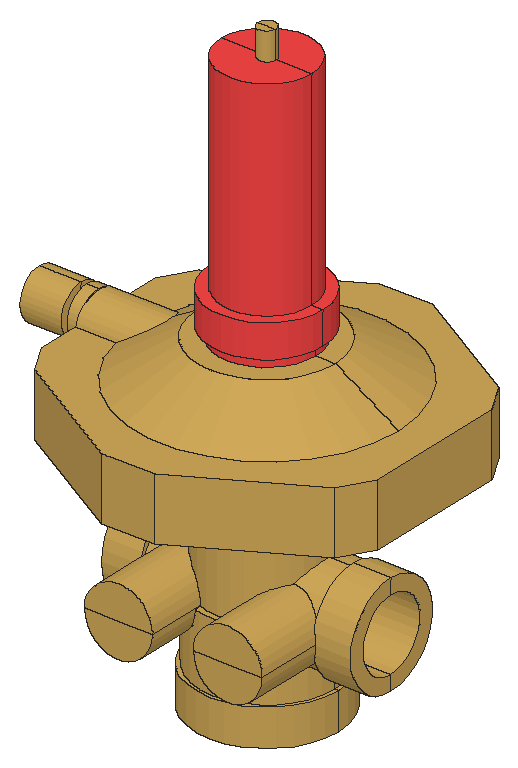
Revit family "Differenzdruckregler 4202 45-80kPa", category Rohrzubehör, Revit 2019
Family settings
  Bemaßung runder Anschluss = Durchmesser verwenden
  Teiletyp = Unterbricht
  OmniClass-Nummer = 23.65.55.14
  OmniClass-Titel = Valves for Liquid Services
  Arbeitsebenenbasiert = Nein
  Immer vertikal = Ja
  Beim Laden mit Abzugskörper schneiden = Nein
  Gemeinsam genutzt = Nein
Parameters (values of type "Ohne Dämmung")
  y2 [instance] = K14 + K9 + H01  # 49.149 mm
  y1 [instance] = (R03 * 2) + R05  # 66.000 mm
  PN = 25  # constant formula
  Min. Betriebstemperatur (Frostschutz) = -20 °C  # constant formula
  Max. zulässige Betriebstemperatur bis DN32 = 130 °C  # constant formula
  Max. zulässige Betriebstemperatur DN40 - DN50 = 110 °C  # constant formula
  Max. Differenzdruck am Gehäuse = 400000.0 Pa  # constant formula
  Max. Betriebsdruck = 25.0 Pa  # constant formula
  Ventilschaft = "Edelstahl 14301"  # constant formula
  URL = "www.herz-armaturen.at"
  SCRNSEQ = "ARM;ARM_TYP=\"DIFR\";2"
  SCRNCODE = "05;03;4"  # constant formula
  S06 [instance] = 1.000 mm  # constant formula
  S05 [instance] = S01 - 1.000 mm  # 16.250 mm
  S04 [instance] = S02 - 1.000 mm  # 18.000 mm
  S03 [instance] = size_lookup("4202 45-80kPa", "S03", 26.500 mm, Nennweite)  # 25.600 mm
  S02 [instance] = size_lookup("4202 45-80kPa", "S02", 19.000 mm, Nennweite)  # 19.000 mm
  S01 [instance] = size_lookup("4202 45-80kPa", "S01", 17.250 mm, Nennweite)  # 17.250 mm
  Regleranschlussmutter = "Messing CW614N"  # constant formula
  Regelbereich = "45 - 80kPa"  # constant formula
  R06 [instance] = size_lookup("4202 45-80kPa", "R06", 14.500 mm, Nennweite)  # 14.500 mm
  R05 [instance] = size_lookup("4202 45-80kPa", "R05", 46.000 mm, Nennweite)  # 46.000 mm
  R04 [instance] = size_lookup("4202 45-80kPa", "R04", 12.500 mm, Nennweite)  # 12.500 mm
  R03 [instance] = size_lookup("4202 45-80kPa", "R03", 10.000 mm, Nennweite)  # 10.000 mm
  R02 = 14.500 mm  # constant formula
  R01 [instance] = size_lookup("4202 45-80kPa", "R01", 12.500 mm, Nennweite)  # 12.500 mm
  Min. Betriebstemperatur (reines Wasser) = 2 °C  # constant formula
  O-Ringe = "EPDM"  # constant formula
  Nennweite [instance] = 15.000 mm
  Membrangehäuse = "Messing CW602N"  # constant formula
  Membrane = "EPDM"  # constant formula
  Medium = "Wasserbeschaffenheit nach ÖNORM H 5195 und VDI 2035\r\nDie Verwendung von Ethylen- und Propylenglykol ist im\r\nMischungsverhältnis 25 - 50 Vol.-% zulässig."
  L2 [instance] = size_lookup("4202 45-80kPa", "L2", 161.000 mm, Nennweite)  # 161.000 mm
  L [instance] = size_lookup("4202 45-80kPa", "L", 66.000 mm, Nennweite)  # 66.000 mm
  K9 = 4.000 mm  # constant formula
  K8 = 55.000 mm  # constant formula
  K7 = 8.700 mm  # constant formula
  K6 = 11.700 mm  # constant formula
  K5 = 13.000 mm  # constant formula
  K4 = 12.000 mm  # constant formula
  K3 = 15.000 mm  # constant formula
  K2 = 2.350 mm  # constant formula
  K18 = 89.000 mm  # constant formula
  K17 = 66.700 mm  # constant formula
  K16 = 3.000 mm  # constant formula
  K15 = 26.649 mm  # constant formula
  K14 = 16.649 mm  # constant formula
  K13 = 16.649 mm  # constant formula
  K12 = 10.000 mm  # constant formula
  K11 = 35.000 mm  # constant formula
  K10 = 18.250 mm  # constant formula
  K1.1 = 2.350 mm  # constant formula
  K1 = 7.651 mm  # constant formula
  J9 = 15.700 mm  # constant formula
  J8 = 7.850 mm  # constant formula
  J7 = 15.897 mm  # constant formula
  J6 = 3.900 mm  # constant formula
  J5 = 6.500 mm  # constant formula
  J4 = 1.500 mm  # constant formula
  J3 = 3.200 mm  # constant formula
  J2 = 11.000 mm  # constant formula
  J11 = 3.500 mm  # constant formula
  J10 = 18.897 mm  # constant formula
  J1 = 6.500 mm  # constant formula
  Hersteller = "HERZ-Armaturen Ges.m.b.H"  # constant formula
  H2 [instance] = size_lookup("4202 45-80kPa", "H2", 28.000 mm, Nennweite)  # 28.000 mm
  H1 [instance] = K1 + K2 + K3 + K4 + K5 + K7 + K8 + K16 + 16.650 mm  # 133.351 mm
  H04 = 4.000 mm  # constant formula
  H03 = 9.800 mm  # constant formula
  H02 [instance] = size_lookup("4202 45-80kPa", "H02", 53.000 mm, Nennweite)  # 53.000 mm
  H01 [instance] = size_lookup("4202 45-80kPa", "H01", 25.000 mm, Nennweite)  # 28.500 mm
  Gehäuse = "DZR Messing CC770S"  # constant formula
  G03 [instance] = size_lookup("4202 45-80kPa", "G03", 13.200 mm, Nennweite)  # 13.200 mm
  G02 [instance] = size_lookup("4202 45-80kPa", "G02", 9.500 mm, Nennweite)  # 9.500 mm
  G01 [instance] = size_lookup("4202 45-80kPa", "G01", 13.500 mm, Nennweite)  # 13.500 mm
  Einstellspindel = "Messing CW614N"  # constant formula
  Hinweise zum Material = "Gemäß Art 33 der REACH-Verordnung (EG Nr. 1907/2006) sind wir verpflichtet, darauf hinzuweisen,\r\ndass der Stoff Blei auf der SVHC-Liste geführt wird und dass alle aus Messing bestehenden Bauteile,\r\ndie in unseren Erzeugnissen verarbeitet sind, mehr als 0,1 % (w/w) Blei (CAS: 7439-92-1 / EINECS:\r\n231-100-4) enthalten. Da Blei als Legierungsbestandteil fest gebunden ist, sind keine Expositionen zu\r\nerwarten und daher sind keine zusätzlichen Angaben zur sicheren Verwendung notwendig.\r\n\r\nIm Hanf enthaltenes Ammoniak schädigt\r\nMessingventilgehäuse, EPDM Dichtungen werden durch\r\nMineralöle bzw. mineralölhaltige Schmierstoffe aufgequollen\r\nund führen somit zum Ausfall der EPDM-Dichtungen. Für\r\nFrost- und Korrosionsschutzmittel auf der Basis von Ethylen- und Propylenglykol sind die entsprechenden\r\nAngaben den Unterlagen des Herstellers zu entnehmen."
  Dämmung = no
  Dämmschale = "EPP (expandiertes Polypropylen)"  # constant formula
  Druckfeder = "Federstahl 14310 NS"  # constant formula
  DN50 [instance] = Nennweite = 50.000 mm  # no
  DN40 [instance] = Nennweite = 40.000 mm  # no
  DN32-40 [instance] = or(Nennweite = 32.000 mm, Nennweite = 40.000 mm)  # no
  DN32 [instance] = Nennweite = 32.000 mm  # no
  DN25,32,40 [instance] = or(Nennweite = 25.000 mm, Nennweite = 32.000 mm, Nennweite = 40.000 mm)  # no
  DN25 [instance] = Nennweite = 25.000 mm  # no
  DN20 [instance] = Nennweite = 20.000 mm  # no
  DN15-25 [instance] = or(Nennweite = 15.000 mm, Nennweite = 20.000 mm, Nennweite = 25.000 mm)  # yes
  DN15,20,50 [instance] = or(Nennweite = 15.000 mm, Nennweite = 20.000 mm, Nennweite = 50.000 mm)  # yes
  DN15 [instance] = Nennweite = 15.000 mm  # yes
  D07 [instance] = if(Nennweite = 15.000 mm, 32.500 mm, if(Nennweite = 20.000 mm, 33.500 mm, if(Nennweite = 25.000 mm, 33.500 mm, if(Nennweite = 32.000 mm, 49.500 mm, if(Nennweite = 40.000 mm, 59.500 mm, if(Nennweite = 50.000 mm, 59.500 mm, 0.000 mm))))))  # 32.500 mm
  D06 [instance] = if(Nennweite = 15.000 mm, 32.500 mm, if(Nennweite = 20.000 mm, 33.500 mm, if(Nennweite = 25.000 mm, 33.500 mm, if(Nennweite = 32.000 mm, 49.500 mm, if(Nennweite = 40.000 mm, 59.500 mm, if(Nennweite = 50.000 mm, 59.500 mm, 0.000 mm))))))  # 32.500 mm
  D05 [instance] = if(Nennweite = 15.000 mm, 36.750 mm, if(Nennweite = 20.000 mm, 40.700 mm, if(Nennweite = 25.000 mm, 49.200 mm, if(Nennweite = 32.000 mm, 54.150 mm, if(Nennweite = 40.000 mm, 60.750 mm, if(Nennweite = 50.000 mm, 72.700 mm, 0.000 mm))))))  # 36.750 mm
  D04 [instance] = if(Nennweite = 15.000 mm, 78.500 mm, if(Nennweite = 20.000 mm, 82.000 mm, if(Nennweite = 25.000 mm, 84.000 mm, if(Nennweite = 32.000 mm, 120.000 mm, if(Nennweite = 40.000 mm, 130.000 mm, if(Nennweite = 50.000 mm, 130.500 mm, 0.000 mm))))))  # 78.500 mm
  D03 [instance] = if(Nennweite = 15.000 mm, 96.000 mm, if(Nennweite = 20.000 mm, 110.000 mm, if(Nennweite = 25.000 mm, 112.000 mm, if(Nennweite = 32.000 mm, 152.000 mm, if(Nennweite = 40.000 mm, 170.000 mm, if(Nennweite = 50.000 mm, 179.000 mm, 0.000 mm))))))  # 96.000 mm
  D02 [instance] = size_lookup("4202 45-80kPa", "R05", 41.000 mm, Nennweite)  # 46.000 mm
  D01 [instance] = size_lookup("4202 45-80kPa", "G01", 13.220 mm, Nennweite)  # 13.500 mm
  Bestellnummer Dämmung [instance] = if(and(Dämmung, Nennweite = 15.000 mm), 1409611, if(and(Dämmung, Nennweite = 20.000 mm), 1409612, if(and(Dämmung, Nennweite = 25.000 mm), 1409613, if(and(Dämmung, Nennweite = 32.000 mm), 1409614, if(and(Dämmung, Nennweite = 40.000 mm), 1409615, if(and(Dämmung, Nennweite = 50.000 mm), 1409616, 0))))))  # 0
  Bestellnummer [instance] = if(Nennweite = 15.000 mm, 1420271, if(Nennweite = 20.000 mm, 1420272, if(Nennweite = 25.000 mm, 1420273, if(Nennweite = 32.000 mm, 1420274, if(Nennweite = 40.000 mm, 1420275, if(Nennweite = 50.000 mm, 1420276, 0))))))  # 1420271
  B2 [instance] = size_lookup("4202 45-80kPa", "B2", 31.000 mm, Nennweite)  # 31.000 mm
  B1 [instance] = size_lookup("4202 45-80kPa", "B1", 26.000 mm, Nennweite)  # 26.000 mm
  B04 = 100.649 mm  # constant formula
  B03 = 44.500 mm  # constant formula
  B02 = 104.688 mm  # constant formula
  B01 = 10.000 mm  # constant formula
  Anzeigehülse = "Kunststoff (Rot)"  # constant formula
  Anwendungsgebiet = "Der Differenzdruckregler ist ein Regler mit linearer Kennlinie in Geradsitzausführung und arbeitet ohne\r\nHilfsenergie. Der gewünschte Differenzdruck-Sollwert kann zwischen 5 und 30 kPa; 25 und 60 kPa bzw.\r\n45 und 80 kPa stufenlos eingestellt werden. Der eingestellte Wert ist mit Hilfe des Einstelldiagrammes\r\nablesbar. Werksseitig ist der Sollwert auf Minimum eingestellt. Der erforderliche Sollwert wird mit dem\r\nEinstellwerkzeug (1 4006 02) eingestellt. Im Lieferumfang enthalten ist die Impulsleitung (1000 mm),\r\ndiese ist im Vorlauf einzubinden."
  Anschlussnippel = "Messing CW602N"  # constant formula
Types (2, lengths in mm): name | Dämmung | Bestellnummer Dämmung
  Ohne Dämmung | no | 0
  Mit Dämmung | yes | 1409611
Reference planes
  plane 1 "Mitte (Vorne/hinten)": y = 0
  plane 2: z = 0
  plane 3 "Mitte (Links/rechts)": x = 0
Forms (mm)
  Revolve 1, solid, material "Messing, weicher Gelbton, geschweißt", detail levels fine
    sketch origin (0, 0, 0) x (1, 0, 0) y (0, 0, 1)
      loop
        line (-19.8, 0) -> (19.8, 0) -> (19.8, 9.5) -> (33, 9.5) -> (33, 13.5) -> (23, 13.5) -> (23, 12.5) -> (-23, 12.5) -> (-23, 13.5) -> (-33, 13.5) -> (-33, 9.5) -> (-19.8, 9.5) -> (-19.8, 0)
      axis (-33, 0) -> (33, 0)
    angle from 0 to 360
  Revolve 2, solid, material "Messing, weicher Gelbton, geschweißt", detail levels fine
    sketch origin (0, 0, 0) x (1, 0, 0) y (0, 0, 1)
      loop
        line (0, -28) -> (0, 0) -> (-18, 0) -> (-18, -18.2) -> (-19, -18.2) -> (-19, -28) -> (0, -28)
      axis (0, 0) -> (0, -28)
    angle from 0 to 360
  Extrusion 3, solid, material "Messing, weicher Gelbton, geschweißt", detail levels fine
    sketch origin (0, 0, 0) x (0, -1, 0) y (1, 0, 0)
      loop
        line (-46, -7.038) -> (-27.114, -39.75) -> (-18.886, -44.5) -> (18.886, -44.5) -> (27.114, -39.75) -> (46, -7.038) -> (46, 7.038) -> (27.114, 39.75) -> (18.886, 44.5) -> (-18.886, 44.5) -> (-27.114, 39.75) -> (-46, 7.038) -> (-46, -7.038)
    from 32.5 to 49.149
  Revolve 4, solid, material "Messing, weicher Gelbton, geschweißt", detail levels fine
    sketch origin (0, 0, -7.051) x (1, 0, 0) y (0, 0, 1)
      loop
        line (0, 56.2) -> (0, 66.2) -> (-18.25, 66.2) -> (-35, 56.2) -> (0, 56.2)
      axis (0, 66.2) -> (0, 56.2)
    angle from 0 to 360
  Revolve 5, solid, material "Messing, weicher Gelbton, geschweißt", visible <- "DN15-25", detail levels fine
    sketch origin (-11, 0, 0) x (1, 0, 0) y (0, 1, 0)
      loop
        line (-1.5, 26) -> (-9.2, 26) -> (-9.2, 0) -> (-1.5, 0) -> (-1.5, 26)
      axis (-1.5, 0) -> (-1.5, 26)
    angle from 0 to 360
  Revolve 6, solid, material "Messing, weicher Gelbton, geschweißt", visible <- "DN15,20,50", detail levels fine
    sketch origin (-0.988, 0, -6.853) x (-1, 0, 0) y (0, 0, 1)
      loop
        line (43.5, 55.25) -> (59.2, 55.25) -> (59.2, 61.75) -> (48.2, 61.75) -> (48.2, 59.15) -> (46.7, 59.15) -> (46.7, 61.75) -> (43.5, 61.75) -> (43.5, 55.25)
      axis (43.5, 55.25) -> (59.2, 55.25)
    angle from 0 to 360
  Extrusion 7, solid, material "Messing, weicher Gelbton, geschweißt", visible <- "DN15,20,50", detail levels fine
    sketch origin (0, 0, 0) x (0, 1, 0) y (0, 0, -1)
      loop
        line (7.85, -47.047) -> (7.85, -36) -> (-7.85, -36) -> (-7.85, -47.047)
        arc (-7.85, -47.047) -> (0, -54.897) -> (7.85, -47.047) r 7.85
    from 0 to 44.5
  Revolve 8, solid, material "Kunsstoff rot", detail levels fine
    sketch origin (0, 0, 0) x (1, 0, 0) y (0, 0, 1)
      loop
        line (-12, 125.849) -> (-12, 70.849) -> (-15, 70.849) -> (-15, 62.149) -> (-13, 62.149) -> (-13, 59.149) -> (0, 59.149) -> (0, 125.849) -> (-12, 125.849)
      axis (0, 125.849) -> (0, 59.149)
    angle from 0 to 360
  Revolve 9, solid, material "Messing, weicher Gelbton, geschweißt", visible <- "DN15-25", detail levels fine
    sketch origin (-2, 0, 0) x (1, 0, 0) y (0, 1, 0)
      loop
        line (-12.5, 0) -> (-21.5, 0) -> (-21.5, -31) -> (-12.5, -31) -> (-12.5, 0)
      axis (-12.5, 0) -> (-12.5, -31)
    angle from 0 to 360
  Revolve 10, solid, material "Messing, weicher Gelbton, geschweißt", visible <- "DN15-25", detail levels fine
    sketch origin (2, 0, 0) x (1, 0, 0) y (0, 1, 0)
      loop
        line (12.5, 0) -> (12.5, -31) -> (21.6, -31) -> (21.6, 0) -> (12.5, 0)
      axis (12.5, 0) -> (12.5, -31)
    angle from 0 to 360
  Extrusion 11, solid, material "Messing, weicher Gelbton, geschweißt", visible <- "DN32", detail levels fine
    sketch origin (-31.5, 0, 0) x (1, 0, 0) y (0, 1, 0)
      loop
        circle (63, 0) r 6.578
      loop
        circle (63, 0) r 3.28
    from -47 to 0
  Extrusion 12, solid, material "Messing, weicher Gelbton, geschweißt", visible <- "DN32", detail levels fine
    sketch origin (31.5, 0, 0) x (-1, 0, 0) y (0, -1, 0)
      loop
        circle (63, 0) r 6.578
      loop
        circle (63, 0) r 3.28
    from -47 to 0
  Revolve 13, solid, material "Messing, weicher Gelbton, geschweißt", detail levels fine
    sketch origin (0, 0, 0) x (1, 0, 0) y (0, 0, 1)
      loop
        line (-16.25, 0) -> (0, 0) -> (0, 32.5) -> (-12.25, 32.5) -> (-12.25, 28.5) -> (-17.25, 28.5) -> (-17.25, 18.7) -> (-16.25, 18.7) -> (-16.25, 0)
      axis (0, 32.5) -> (0, 0)
    angle from 0 to 360
  Extrusion 14, solid, material "Messing, weicher Gelbton, geschweißt", visible <- "DN40", detail levels fine
    sketch origin (29.382, 0, 0) x (-1, 0, 0) y (0, -1, 0)
      loop
        circle (63, 0) r 6.578
      loop
        circle (63, 0) r 3.28
    from -58 to 0
  Extrusion 15, solid, material "Messing, weicher Gelbton, geschweißt", visible <- "DN40", detail levels fine
    sketch origin (-29.455, 0, 0) x (1, 0, 0) y (0, 1, 0)
      loop
        circle (63, 0) r 6.578
      loop
        circle (63, 0) r 3.28
    from -58 to 0
  Extrusion 16, solid, material "Messing, weicher Gelbton, geschweißt", visible <- "DN50", detail levels fine
    sketch origin (28.422, 0, 0) x (-1, 0, 0) y (0, -1, 0)
      loop
        circle (63, 0) r 6.578
      loop
        circle (63, 0) r 3.28
    from -58 to 0
  Extrusion 17, solid, material "Messing, weicher Gelbton, geschweißt", visible <- "DN50", detail levels fine
    sketch origin (-28.422, 0, 0) x (1, 0, 0) y (0, 1, 0)
      loop
        circle (63, 0) r 6.578
      loop
        circle (63, 0) r 3.28
    from -58 to 0
  Revolve 18, solid, material "Messing, weicher Gelbton, geschweißt", detail levels fine
    sketch origin (0, 0, 0) x (1, 0, 0) y (0, 0, 1)
      loop
        line (-2.35, 125.349) -> (0, 125.349) -> (0, 133) -> (-2.35, 133) -> (-2.35, 125.349)
      axis (0, 133) -> (0, 125.349)
    angle from 0 to 360
  Revolve 19, solid, material "Messing, weicher Gelbton, geschweißt", visible <- "DN32-40", detail levels fine
    sketch origin (-11, 0, 0) x (1, 0, 0) y (0, 1, 0)
      loop
        line (-1.5, -26) -> (-1.5, 0) -> (-9.2, 0) -> (-9.2, -26) -> (-1.5, -26)
      axis (-1.5, 0) -> (-1.5, -26)
    angle from 0 to 360
  Revolve 20, solid, material "Messing, weicher Gelbton, geschweißt", visible <- "DN25,32,40", detail levels fine
    sketch origin (0.988, 0, 20.147) x (1, 0, 0) y (0, 0, 1)
      loop
        line (43.5, 28.25) -> (59.2, 28.25) -> (59.2, 34.75) -> (48.2, 34.75) -> (48.2, 32.15) -> (46.7, 32.15) -> (46.7, 34.75) -> (43.5, 34.75) -> (43.5, 28.25)
      axis (43.5, 28.25) -> (59.2, 28.25)
    angle from 0 to 360
  Extrusion 21, solid, material "Messing, weicher Gelbton, geschweißt", visible <- "DN25", detail levels fine
    sketch origin (0, 0, 0) x (0, 1, 0) y (0, 0, 1)
      loop
        arc (7.85, 48.047) -> (0, 55.897) -> (-7.85, 48.047) r 7.85
        line (-7.85, 48.047) -> (-7.85, 37) -> (7.85, 37) -> (7.85, 48.047)
    from 0 to 44.5
  Extrusion 22, solid, material "Messing, weicher Gelbton, geschweißt", visible <- "DN32", detail levels fine
    sketch origin (0, 0, 0) x (0, 1, 0) y (0, 0, 1)
      loop
        arc (7.85, 64.047) -> (0, 71.897) -> (-7.85, 64.047) r 7.85
        line (-7.85, 64.047) -> (-7.85, 53) -> (7.85, 53) -> (7.85, 64.047)
    from 0 to 44.5
  Extrusion 23, solid, material "Messing, weicher Gelbton, geschweißt", visible <- "DN40", detail levels fine
    sketch origin (0, 0, 0) x (0, 1, 0) y (0, 0, 1)
      loop
        arc (7.85, 74.047) -> (0, 81.897) -> (-7.85, 74.047) r 7.85
        line (-7.85, 74.047) -> (-7.85, 63) -> (7.85, 63) -> (7.85, 74.047)
    from 0 to 44.5
  Revolve 24, solid, material "Kunststoff-Anthrazit/Schwarz", visible <- "Dämmung"
    sketch origin (0, 0, 0) x (1, 0, 0) y (0, 0, 1)
      loop
        line (0, -46) -> (36.75, -46) -> (36.75, 32.5) -> (0, 32.5) -> (0, -46)
      axis (0, 32.5) -> (0, -46)
    angle from 0 to 360
  Revolve 25, solid, material "Kunststoff-Anthrazit/Schwarz", visible <- "Dämmung"
    sketch origin (0, 0, 0) x (1, 0, 0) y (0, 0, 1)
      loop
        line (48, 32.5) -> (-48, 32.5) -> (-48, 13.5) -> (-23, 13.5) -> (-23, 0) -> (0, 0) -> (23, 0) -> (23, 13.5) -> (48, 13.5) -> (48, 32.5)
      axis (-48, 0) -> (48, 0)
    angle from 0 to 360
Lines and regions (mm)
  model lines, detail levels coarse+medium
    curve 1: line (33, -13.5, 0) -> (33, 13.5, 0)
    curve 2: line (33, 13.5, 0) -> (-33, -13.5, 0)
    curve 3: line (-33, -13.5, 0) -> (-33, 13.5, 0)
    curve 4: line (-33, 13.5, 0) -> (33, -13.5, 0)
    curve 5: spline (-44.5, -40.824, 0) -> (-42.984, -38.67, 0) -> (-38.538, -36.662, 0) -> (-31.466, -34.938, 0) -> (-22.25, -33.615, 0) -> (-11.517, -32.784, 0) -> (0, -32.5, 0) -> (11.517, -32.784, 0) -> (22.25, -33.615, 0) -> (31.466, -34.938, 0) -> (38.538, -36.662, 0) -> (42.984, -38.67, 0) -> (44.5, -40.825, 0) -> (42.984, -42.979, 0) -> (38.538, -44.987, 0) -> (31.466, -46.711, 0) -> (22.25, -48.034, 0) -> (11.517, -48.865, 0) -> (0, -49.149, 0) -> (-11.517, -48.865, 0) -> (-22.25, -48.034, 0) -> (-31.466, -46.711, 0) -> (-38.538, -44.987, 0) -> (-42.984, -42.979, 0) -> (-44.5, -40.824, 0)
    curve 6: line (-33, 0, 13.5) -> (-33, 0, -13.5)
    curve 7: line (-33, 0, -13.5) -> (33, 0, 13.5)
    curve 8: line (33, 0, 13.5) -> (33, 0, -13.5)
    curve 9: line (33, 0, -13.5) -> (-33, 0, 13.5)
    curve 10: line (0, 0, 13.5) -> (0, 0, 32.5)
    curve 11: spline (-44.5, 0, 40.825) -> (-42.984, 0, 42.979) -> (-38.538, 0, 44.987) -> (-31.466, 0, 46.711) -> (-22.25, 0, 48.034) -> (-11.517, 0, 48.865) -> (0, 0, 49.149) -> (11.517, 0, 48.865) -> (22.25, 0, 48.034) -> (31.466, 0, 46.711) -> (38.538, 0, 44.987) -> (42.984, 0, 42.979) -> (44.5, 0, 40.824) -> (42.984, 0, 38.67) -> (38.538, 0, 36.662) -> (31.466, 0, 34.938) -> (22.25, 0, 33.615) -> (11.517, 0, 32.784) -> (0, 0, 32.5) -> (-11.517, 0, 32.784) -> (-22.25, 0, 33.615) -> (-31.466, 0, 34.938) -> (-38.538, 0, 36.662) -> (-42.984, 0, 38.67) -> (-44.5, 0, 40.825)
    curve 12: line (0, 0, 13.5) -> (16.5, 0, 6.75)
    curve 13: line (0, 0, 13.5) -> (-16.5, 0, 6.75)
    curve 14: line (33, 0, 0) -> (63, 0, 0)
    curve 15: line (-33, 0, 0) -> (-63, 0, 0)
    curve 16: line (0, -19, 0) -> (-16.5, -6.75, 0)
    curve 17: line (0, -19, 0) -> (16.5, -6.75, 0)
  model lines
    curve 18: line (0, -19, 0) -> (0, -32.5, 0)
Dimensions and locks
  "G01": Revolve 1 sketch curve to Revolve 1 sketch curve  (x2)
  "R01": Revolve 1 sketch curve to Revolve 1 sketch curve
  "R03": Revolve 1 sketch curve to Revolve 1 sketch curve  (x2)
  "K10": Revolve 4 sketch curve to Revolve 4 sketch curve
  "K11": Revolve 4 sketch curve to Revolve 4 sketch curve
  "B1": Revolve 5 sketch curve to Revolve 5 sketch curve
  "J1": Revolve 6 sketch curve to Revolve 6 sketch curve
  "J3": Revolve 6 sketch curve to Revolve 6 sketch curve
  "J4": Revolve 6 sketch curve to Revolve 6 sketch curve
  "J2": Revolve 6 sketch curve to Revolve 6 sketch curve
  "J5": Revolve 6 sketch curve to Revolve 6 sketch curve
  "J6": Revolve 6 sketch curve to Revolve 6 sketch curve
  "H2": plane 2 to Revolve 2 sketch curve
  "H03": Revolve 2 sketch curve to Revolve 2 sketch curve
  "S02": plane 3 "Mitte (Links/rechts)" to Revolve 2 sketch curve
  "B02": Revolve 6 to Extrusion 3
  "B03": Extrusion 3 to plane 3 "Mitte (Links/rechts)"
  "R04": Revolve 5 sketch curve to plane 3 "Mitte (Links/rechts)"
  "K4": Revolve 8 sketch curve to Revolve 8 sketch curve
  "K3": Revolve 8 sketch curve to Revolve 8 sketch curve
  "K7": Revolve 8 sketch curve to Revolve 8 sketch curve
  "K5": Revolve 8 sketch curve to Revolve 8 sketch curve
  "K8": Revolve 8 sketch curve to Revolve 8 sketch curve
  "K12": Revolve 4 sketch curve to Revolve 4 sketch curve
  "K13": Revolve 4 sketch curve to Extrusion 3
  "K14": Extrusion 3 to Extrusion 3
  "K16": Revolve 8 sketch curve to Revolve 8 sketch curve
  "K15": Revolve 8 to Extrusion 3
  "R05": Revolve 1 sketch curve to Revolve 1 sketch curve
  equal spacing: Revolve 1 sketch curve, plane 3 "Mitte (Links/rechts)", Revolve 1 sketch curve
  "B2": plane 1 "Mitte (Vorne/hinten)" to Revolve 9 sketch curve
  "B2": Revolve 10 sketch curve to plane 1 "Mitte (Vorne/hinten)"
  "R06": Revolve 9 sketch curve to plane 3 "Mitte (Links/rechts)"
  "R06": plane 3 "Mitte (Links/rechts)" to Revolve 10 sketch curve
  "S01": Revolve 13 sketch curve to plane 3 "Mitte (Links/rechts)"
  "S05": plane 3 "Mitte (Links/rechts)" to Revolve 13 sketch curve
  "H04": Revolve 13 sketch curve to Revolve 13 sketch curve
  "H03": Revolve 13 sketch curve to Revolve 13 sketch curve
  "H01": Revolve 13 sketch curve to plane 2
  "K9": Extrusion 3 to Revolve 13
  "S06": Revolve 2 sketch curve to Revolve 2 sketch curve
  "J7": Revolve 6 sketch curve to Extrusion 3
  "J9": Extrusion 7 sketch curve to Extrusion 7 sketch curve
  "J10": Revolve 6 to Extrusion 7 sketch curve
  "J11": Extrusion 7 sketch curve to Extrusion 3
  equal spacing: curve 6, curve 5, curve 8
  "K18": Extrusion 3 to Extrusion 3
  "G01": curve 9 to plane 2
  "G01": plane 2 to curve 7
  "G01": curve 8 to plane 2
  "G01": plane 2 to curve 9
  "K18": curve 11 to curve 11
  "G01": curve 13 to plane 2
  "K14": curve 11 to curve 11
  "y2": curve 11 to plane 2
  "G01": plane 1 "Mitte (Vorne/hinten)" to curve 4
  "G01": curve 3 to plane 1 "Mitte (Vorne/hinten)"
  equal spacing: curve 3, curve 11, curve 1
  equal spacing: curve 3, curve 17, curve 1
  "y1": curve 3 to curve 1
  "G01": plane 1 "Mitte (Vorne/hinten)" to curve 2
  "G01": curve 4 to plane 1 "Mitte (Vorne/hinten)"
  "K18": curve 5 to curve 5
  "K14": curve 5 to curve 5
  "y2": curve 5 to plane 1 "Mitte (Vorne/hinten)"
  "K1.1": plane 3 "Mitte (Links/rechts)" to Revolve 18 sketch curve
  "B1": Revolve 19 sketch curve to Revolve 19 sketch curve
  "R04": Revolve 19 sketch curve to plane 3 "Mitte (Links/rechts)"
  "G02": Revolve 1 sketch curve to plane 2  (x2)
  "G03": Revolve 1 sketch curve to Revolve 1 sketch curve  (x2)
  Revolve 1 sketch curve to Revolve 1 sketch curve = 66.000 mm
  Revolve 1 to Revolve 1 = 66.000 mm
  "L2": Revolve 18 to Revolve 2
  "J1": Revolve 20 sketch curve to Revolve 20 sketch curve
  "J3": Revolve 20 sketch curve to Revolve 20 sketch curve
  "J4": Revolve 20 sketch curve to Revolve 20 sketch curve
  "J2": Revolve 20 sketch curve to Revolve 20 sketch curve
  "J5": Revolve 20 sketch curve to Revolve 20 sketch curve
  "J6": Revolve 20 sketch curve to Revolve 20 sketch curve
  "J7": Revolve 20 sketch curve to Extrusion 3
  "J9": Extrusion 21 sketch curve to Extrusion 21 sketch curve
  "J9": Extrusion 22 sketch curve to Extrusion 22 sketch curve
  "J9": Extrusion 23 sketch curve to Extrusion 23 sketch curve
  "L": curve 6 to curve 8
  equal spacing: Revolve 1, curve 13, plane 3 "Mitte (Links/rechts)"
  equal spacing: plane 3 "Mitte (Links/rechts)", curve 12, Revolve 1
  equal spacing: curve 3, curve 16, plane 3 "Mitte (Links/rechts)"
  equal spacing: plane 3 "Mitte (Links/rechts)", curve 17, curve 1
  "D06": Revolve 24 sketch curve to plane 2
  "D05": Revolve 24 sketch curve to Revolve 24 sketch curve
  "D04": Revolve 24 sketch curve to Revolve 24 sketch curve
  "D07": Revolve 25 sketch curve to plane 2
  "D01": Revolve 25 sketch curve to plane 2  (x2)
  "D03": Revolve 25 sketch curve to Revolve 25 sketch curve
  "D02": Revolve 25 sketch curve to Revolve 25 sketch curve
  equal spacing: Revolve 25 sketch curve, plane 3 "Mitte (Links/rechts)", Revolve 25 sketch curve  (x2)
  "J8": radius of Extrusion 7 sketch curve
  "J8": radius of Extrusion 21 sketch curve
  "J8": radius of Extrusion 22 sketch curve
  "J8": radius of Extrusion 23 sketch curve
  aligned and locked: level to plane 2
Automatic sketch dimensions
  plane 3 "Mitte (Links/rechts)" to Extrusion 3 sketch curve = 7.038 mm  (x2)
  Extrusion 3 sketch curve to plane 1 "Mitte (Vorne/hinten)" = 46.000 mm
  Extrusion 3 sketch curve to plane 1 "Mitte (Vorne/hinten)" = 27.114 mm  (x2)
  Extrusion 3 sketch curve to Extrusion 3 sketch curve = 8.227 mm  (x4)
  plane 1 "Mitte (Vorne/hinten)" to Extrusion 3 sketch curve = 18.886 mm  (x2)
  Extrusion 3 sketch curve to Extrusion 3 sketch curve = 18.886 mm
  Extrusion 3 sketch curve to plane 3 "Mitte (Links/rechts)" = 7.038 mm  (x2)
  Extrusion 3 sketch curve to Extrusion 3 sketch curve = 32.712 mm  (x4)
  Extrusion 3 sketch curve to Extrusion 3 sketch curve = 4.750 mm  (x2)
  Extrusion 11 sketch curve to Extrusion 11 sketch curve = 0.000 mm  (x2)
  plane 1 "Mitte (Vorne/hinten)" to Extrusion 11 sketch curve = 0.000 mm
  plane 3 "Mitte (Links/rechts)" to Extrusion 11 sketch curve = 31.500 mm
  Extrusion 12 sketch curve to Extrusion 12 sketch curve = 0.000 mm  (x2)
  plane 1 "Mitte (Vorne/hinten)" to Extrusion 12 sketch curve = 0.000 mm
  plane 3 "Mitte (Links/rechts)" to Extrusion 12 sketch curve = 31.500 mm
  Extrusion 14 sketch curve to Extrusion 14 sketch curve = 0.000 mm  (x2)
  plane 1 "Mitte (Vorne/hinten)" to Extrusion 14 sketch curve = 0.000 mm
  plane 3 "Mitte (Links/rechts)" to Extrusion 14 sketch curve = 33.618 mm
  Extrusion 15 sketch curve to Extrusion 15 sketch curve = 0.000 mm  (x2)
  plane 1 "Mitte (Vorne/hinten)" to Extrusion 15 sketch curve = 0.000 mm
  plane 3 "Mitte (Links/rechts)" to Extrusion 15 sketch curve = 33.545 mm
  Extrusion 16 sketch curve to Extrusion 16 sketch curve = 0.000 mm  (x2)
  plane 1 "Mitte (Vorne/hinten)" to Extrusion 16 sketch curve = 0.000 mm
  plane 3 "Mitte (Links/rechts)" to Extrusion 16 sketch curve = 34.578 mm
  Extrusion 17 sketch curve to Extrusion 17 sketch curve = 0.000 mm  (x2)
  plane 1 "Mitte (Vorne/hinten)" to Extrusion 17 sketch curve = 0.000 mm
  plane 3 "Mitte (Links/rechts)" to Extrusion 17 sketch curve = 34.578 mm
  curve 15 to level = 0.000 mm
  curve 10 to plane 3 "Mitte (Links/rechts)" = 0.000 mm
  curve 11 to plane 3 "Mitte (Links/rechts)" = 0.000 mm
  curve 14 to level = 0.000 mm
  curve 15 to curve 15 = 30.000 mm
  curve 14 to curve 14 = 30.000 mm
  curve 18 to plane 3 "Mitte (Links/rechts)" = 0.000 mm
  curve 5 to plane 3 "Mitte (Links/rechts)" = 0.000 mm
  curve 18 to curve 17 = 13.500 mm
  Revolve 1 sketch curve to level = 0.000 mm  (x2)
  Revolve 1 sketch curve to Revolve 1 sketch curve = 1473.530 mm
  Revolve 1 sketch curve to Revolve 1 sketch curve = 1806.148 mm
  Revolve 2 sketch curve to level = 0.000 mm
  Revolve 2 sketch curve to plane 3 "Mitte (Links/rechts)" = 0.000 mm  (x2)
  Revolve 2 sketch curve to Revolve 2 sketch curve = 1.000 mm
  Revolve 2 sketch curve to Revolve 2 sketch curve = 334.045 mm
  level to Revolve 2 sketch curve = 2218.015 mm
  Revolve 4 sketch curve to plane 3 "Mitte (Links/rechts)" = 0.000 mm  (x2)
  Revolve 4 sketch curve to level = 373.096 mm
  Revolve 4 sketch curve to Revolve 4 sketch curve = 2155.315 mm
  plane 1 "Mitte (Vorne/hinten)" to Revolve 5 sketch curve = 0.000 mm  (x2)
  Revolve 5 sketch curve to Revolve 5 sketch curve = 0.000 mm  (x2)
  Revolve 5 sketch curve to Revolve 5 sketch curve = 7.700 mm
  plane 3 "Mitte (Links/rechts)" to Revolve 6 sketch curve = 44.488 mm
  Revolve 6 sketch curve to Revolve 6 sketch curve = 0.000 mm  (x3)
  Extrusion 7 sketch curve to plane 1 "Mitte (Vorne/hinten)" = 0.000 mm
  Extrusion 7 sketch curve to Extrusion 7 sketch curve = 11.047 mm
  Extrusion 7 sketch curve to Extrusion 7 sketch curve = 0.000 mm
  Revolve 8 sketch curve to plane 3 "Mitte (Links/rechts)" = 0.000 mm  (x2)
  level to Revolve 8 sketch curve = 59.149 mm
  Revolve 8 sketch curve to Revolve 8 sketch curve = 0.000 mm  (x2)
  plane 1 "Mitte (Vorne/hinten)" to Revolve 9 sketch curve = 0.000 mm  (x2)
  Revolve 9 sketch curve to Revolve 9 sketch curve = 9.000 mm
  Revolve 9 sketch curve to Revolve 9 sketch curve = 0.000 mm  (x2)
  plane 1 "Mitte (Vorne/hinten)" to Revolve 10 sketch curve = 0.000 mm  (x2)
  Revolve 10 sketch curve to Revolve 10 sketch curve = 9.100 mm
  Revolve 10 sketch curve to Revolve 10 sketch curve = 0.000 mm  (x2)
  Revolve 13 sketch curve to level = 0.000 mm  (x2)
  Revolve 13 sketch curve to plane 3 "Mitte (Links/rechts)" = 0.000 mm  (x2)
  Revolve 13 sketch curve to Revolve 13 sketch curve = 5.000 mm
  Revolve 13 sketch curve to Revolve 13 sketch curve = 0.000 mm
  Revolve 18 sketch curve to plane 3 "Mitte (Links/rechts)" = 0.000 mm  (x2)
  level to Revolve 18 sketch curve = 125.349 mm
  Revolve 18 sketch curve to Revolve 18 sketch curve = 7.651 mm
  Revolve 18 sketch curve to Revolve 18 sketch curve = 0.000 mm  (x2)
  plane 1 "Mitte (Vorne/hinten)" to Revolve 19 sketch curve = 0.000 mm  (x2)
  Revolve 19 sketch curve to Revolve 19 sketch curve = 7.700 mm
  Revolve 19 sketch curve to Revolve 19 sketch curve = 0.000 mm  (x2)
  plane 3 "Mitte (Links/rechts)" to Revolve 20 sketch curve = 44.488 mm
  Revolve 20 sketch curve to Revolve 20 sketch curve = 0.000 mm  (x3)
  Extrusion 21 sketch curve to plane 1 "Mitte (Vorne/hinten)" = 0.000 mm
  level to Extrusion 21 sketch curve = 37.000 mm
  Extrusion 21 sketch curve to Extrusion 21 sketch curve = 11.047 mm
  Extrusion 21 sketch curve to Extrusion 21 sketch curve = 0.000 mm
  Extrusion 22 sketch curve to plane 1 "Mitte (Vorne/hinten)" = 0.000 mm
  level to Extrusion 22 sketch curve = 53.000 mm
  Extrusion 22 sketch curve to Extrusion 22 sketch curve = 11.047 mm
  Extrusion 22 sketch curve to Extrusion 22 sketch curve = 0.000 mm
  Extrusion 23 sketch curve to plane 1 "Mitte (Vorne/hinten)" = 0.000 mm
  level to Extrusion 23 sketch curve = 63.000 mm
  Extrusion 23 sketch curve to Extrusion 23 sketch curve = 11.047 mm
  Extrusion 23 sketch curve to Extrusion 23 sketch curve = 0.000 mm
  Revolve 24 sketch curve to plane 3 "Mitte (Links/rechts)" = 0.000 mm  (x2)
  Revolve 24 sketch curve to Revolve 24 sketch curve = 15.454 mm
  Revolve 24 sketch curve to Revolve 24 sketch curve = 0.000 mm
  Revolve 25 sketch curve to level = 0.000 mm  (x2)
  Revolve 25 sketch curve to plane 3 "Mitte (Links/rechts)" = 0.000 mm
  Revolve 25 sketch curve to Revolve 25 sketch curve = 0.000 mm  (x2)
  radius of Extrusion 11 sketch curve = 6.578 mm
  radius of Extrusion 11 sketch curve = 3.280 mm
  radius of Extrusion 12 sketch curve = 6.578 mm
  radius of Extrusion 12 sketch curve = 3.280 mm
  radius of Extrusion 14 sketch curve = 6.578 mm
  radius of Extrusion 14 sketch curve = 3.280 mm
  radius of Extrusion 15 sketch curve = 6.578 mm
  radius of Extrusion 15 sketch curve = 3.280 mm
  radius of Extrusion 16 sketch curve = 6.578 mm
  radius of Extrusion 16 sketch curve = 3.280 mm
  radius of Extrusion 17 sketch curve = 6.578 mm
  radius of Extrusion 17 sketch curve = 3.280 mm
Nested families
  nested 1: "Herz-Logo-vorne" at (-0.018, 17.815, -12.904) x (0, -1, 0) z (0, 0, 1), type "Herz-Logo-vorne", detail levels fine
  nested 2: "Herz-Logo-vorne" at (-0.018, 24.058, 0) x (0, -1, 0) z (0, 0, 1), visible <- "DN32", type "Herz-Logo-vorne", detail levels fine
  nested 3: "Herz-Logo-vorne" at (-0.018, 33.471, 0) x (0, -1, 0) z (0, 0, 1), visible <- "DN50", type "Herz-Logo-vorne", detail levels fine
  nested 4: "Herz-Logo-vorne" at (-0.018, 26.482, 0) x (0, -1, 0) z (0, 0, 1), visible <- "DN40", type "Herz-Logo-vorne", detail levels fine
Connectors
  piping at (33, 0, 0), diameter 15, driven by "Nennweite"
    settings: on Revolve 1, index 1, connector inside diameter 609.6 mm, connector length 0.000 mm, flow factor 0, pipe flow 0.0 L/s, pressure drop 0.0 Pa, fitting loss kfactor 0, connector angle 0.00°, fixture units 0, engagement length 0.000 mm, angle of deflection 0.00°, flow configuration 0, flow direction 2, fitting loss method 0, system type 29, joint type 0, gender type 0, connector reference index -1, connector utility 0, adjustable connector no, is connector primary yes, connector description ""
  piping at (-33, 0, 0), diameter 15, driven by "Nennweite"
    settings: on Revolve 1, index 2, connector inside diameter 609.6 mm, connector length 0.000 mm, flow factor 0, pipe flow 0.0 L/s, pressure drop 0.0 Pa, fitting loss kfactor 0, connector angle 0.00°, fixture units 0, engagement length 0.000 mm, angle of deflection 0.00°, flow configuration 0, flow direction 1, fitting loss method 0, system type 7, joint type 0, gender type 0, connector reference index -1, connector utility 0, adjustable connector no, is connector primary no, connector description ""
Definition of nested family "Herz-Logo-vorne"
  Reference planes
    plane 1 "Mitte (Vorne/hinten)": y = 0
    plane 2: z = 0
    plane 3 "Mitte (Links/rechts)": x = 0
  Forms (mm)
    Extrusion 1, solid
      sketch origin (0.732, -0.018, 0.017) x (0, -1, 0) y (0, 0, 1)
        loop
          line (-0.018, -4.517) -> (4.482, -4.517) -> (4.482, 4.483) -> (-4.518, 4.483) -> (-4.518, -4.517) -> (-0.018, -4.517)
        loop
          line (-0.05, -3.48) -> (3.482, -3.48) -> (3.482, 3.483) -> (-3.518, 3.483) -> (-3.518, -3.48) -> (-0.05, -3.48)
        loop
          arc (-0.018, 2.383) -> (-1.543, 3.287) -> (-3.067, 2.383) r 1.738
          arc (-3.067, 2.383) -> (-3.191, 1.899) -> (-3.067, 1.415) r 1.009
          line (-3.067, 1.415) -> (-0.018, -3.281) -> (3.032, 1.415)
          arc (3.032, 1.415) -> (3.156, 1.899) -> (3.032, 2.383) r 1.009
          arc (3.032, 2.383) -> (1.507, 3.287) -> (-0.018, 2.383) r 1.738
        loop
          arc (1.885, 1.272) -> (2.005, 1.675) -> (1.885, 2.079) r 0.74
          arc (1.885, 2.079) -> (1.265, 2.416) -> (0.644, 2.079) r 0.74
          line (0.644, 2.079) -> (-0.018, 0.97) -> (-0.679, 2.079)
          arc (-0.679, 2.079) -> (-1.3, 2.416) -> (-1.921, 2.079) r 0.74
          arc (-1.921, 2.079) -> (-2.04, 1.675) -> (-1.921, 1.272) r 0.74
          line (-1.921, 1.272) -> (-0.018, -1.658) -> (1.885, 1.272)
      from 0 to 1.5
  Dimensions and locks
    aligned and locked: level to plane 2
